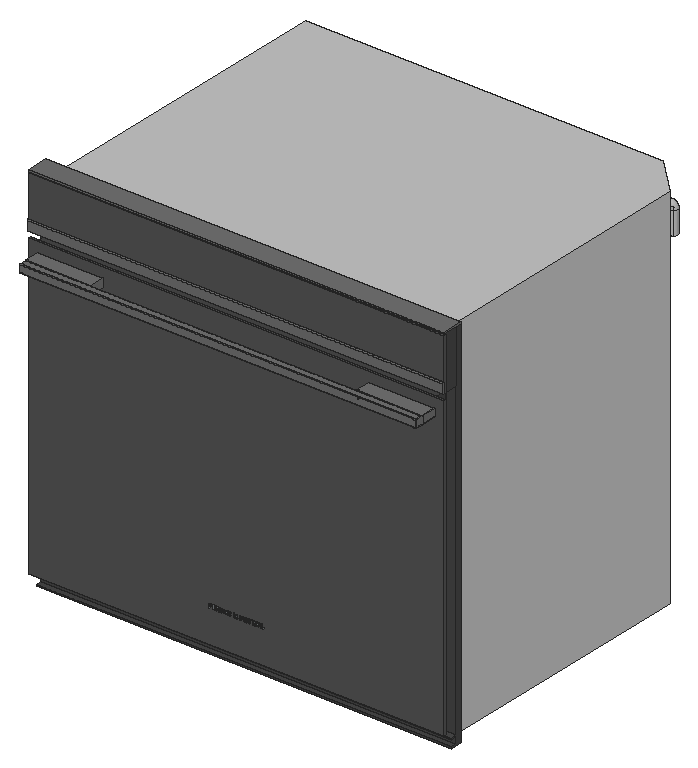
Revit family "FP_Revit_18_OB30SDPTB1_Oven_90000937A", category Specialty Equipment, Revit 2018
Family settings
  Round Connector Dimension = Use Diameter
  Part Type = Normal
  OmniClass Number = 23.40.40.14.17.11
  OmniClass Title = Cookers, Ovens, Stoves
  Work Plane-Based = No
  Always vertical = Yes
  Cut with Voids When Loaded = Yes
  Shared = No
  Room Calculation Point = No
Parameters (values of type "OB30SDPTB1")
  Visibility - Clearance Required = yes
  URL = "www.fisherpaykel.com"
  Product - Width = 760 mm  # constant formula
  Product - Height = 690 mm  # constant formula
  Product - Depth = 609 mm  # constant formula
  Model = "OB30SDPTB1"
  Material - Trim = Fisher & Paykel - Aluminium, Dark
  Material - Structure = Fisher & Paykel - Black
  Material - Handle = Fisher & Paykel - Aluminium, Dark
  Material - Glass = Fisher & Paykel - Glass, Black
  Material - Buttons and Dials = Fisher & Paykel - Aluminium, Dark
  Material - Body = Fisher & Paykel - Grey
  Manufacturer = "Fisher & Paykel Appliances"
  FFL Offset [instance] = 170 mm
  Description = "30\" Self Cleaning Oven"
  Connector Note - Electrical = "208V or 240 V, 16.6 A - 19.4 A"
  Chassis - Width = 720 mm  # constant formula
  Chassis - Height = 675 mm  # constant formula
  Chassis - Depth = 569 mm  # constant formula
  Cavity - Width = 764 mm  # constant formula
  Cavity - Height = 693 mm  # constant formula
  Cavity - Depth = 575 mm  # constant formula
Reference planes
  plane 1 "Datum": y = 0
  plane 2: z = 0
  plane 3 "Center (Left/Right)": x = 0
  plane 4: z = 863
  plane 5: z = 860
  plane 6 "Product LHS": x = -380
  plane 7 "Product RHS": x = 380
  plane 8 "Product - Depth": y = 569
  plane 9 "Cavity LHS": x = -382
  plane 10 "Cavity RHS": x = 382
  plane 11 "Cavity - Depth": y = 575
  plane 12 "Front Face": y = -40
  plane 13 "FFL Offset": z = 170
Forms (mm)
  Extrusion 1, solid, material "Fisher & Paykel - Grey" <- "Material - Body"
    sketch origin (0, 0, 0) x (1, 0, 0) y (0, 1, 0)
      loop
        line (-359.809, 0) -> (360.191, 0) -> (360.191, 503) -> (294.191, 569) -> (-359.809, 569) -> (-359.809, 0)
    from 170 to 845
  Extrusion 2, solid, material "Fisher & Paykel - Clearance Required", visible <- "Visibility - Clearance Required", detail levels coarse
    sketch origin (0, 0, 0) x (1, 0, 0) y (0, 1, 0)
      loop
        line (-361.809, 0) -> (362.191, 0) -> (362.191, 575) -> (-361.809, 575) -> (-361.809, 0)
    from 170 to 851
  Extrusion 3, solid, material "Fisher & Paykel - Black" <- "Material - Structure"
    sketch origin (0, 0, 0) x (0, 1, 0) y (0, 0, 1)
      loop
        line (-11, 857.1) -> (-11, 187.834) -> (-21.5, 185.02) -> (-21.254, 184.102) -> (-11, 186.85) -> (-11, 171.95) -> (-22, 171.95) -> (-22, 170) -> (0, 170) -> (0, 857.1) -> (-11, 857.1)
    from -380 to 380
  Extrusion 4, solid, material "Fisher & Paykel - Black" <- "Material - Structure"
    sketch origin (0, 0, 0) x (0, 1, 0) y (0, 0, 1)
      loop
        line (-36, 857.1) -> (-36, 760) -> (-11, 760) -> (-11, 857.1) -> (-36, 857.1)
    from -380 to 380
  Extrusion 5, solid, material "Fisher & Paykel - Black" <- "Material - Structure"
    sketch origin (0, 0, 0) x (0, 1, 0) y (0, 0, 1)
      loop
        line (-16.2, 197.63) -> (-16.2, 747.665) -> (-36, 747.665) -> (-36, 197.63) -> (-16.2, 197.63)
    from -365 to 363.494
  Extrusion 6, solid, material "Fisher & Paykel - Black" <- "Material - Structure"
    sketch origin (0, 0, 0) x (0, 1, 0) y (0, 0, 1)
      loop
        line (-16.2, 747.665) -> (-16.2, 197.63) -> (-11, 197.63) -> (-11, 747.665) -> (-16.2, 747.665)
    from -361 to 361
  Extrusion 7, solid, material "Fisher & Paykel - Glass, Black" <- "Material - Glass"
    sketch origin (0, 0, 0) x (0, 1, 0) y (0, 0, 1)
      loop
        line (-40, 747.665) -> (-40, 197.63) -> (-36, 197.63) -> (-36, 747.665) -> (-40, 747.665)
    from -380 to 380
  Extrusion 8, solid, material "Fisher & Paykel - Glass, Black"
    sketch origin (0, 0, 0) x (0, 1, 0) y (0, 0, 1)
      loop
        line (-40, 855.1) -> (-40, 760) -> (-36, 760) -> (-36, 855.1) -> (-40, 855.1)
    from -380 to 380
  Extrusion 9, solid, material "Fisher & Paykel - Aluminium, Dark" <- "Material - Trim", detail levels fine
    sketch origin (0, 0, 0) x (0, 1, 0) y (0, 0, 1)
      loop
        line (-41.95, 777.531) -> (-41.95, 760) -> (-40, 760) -> (-40, 779.643) -> (-40.8, 779.643) -> (-41.95, 777.531)
    from -380 to 380
  Extrusion 10, solid, material "Fisher & Paykel - Clearance Required", visible <- "Visibility - Clearance Required", detail levels coarse
    sketch origin (0, -2000, 0) x (0, 1, 0) y (0, 0, 1)
      loop
        line (2000, 863) -> (1961, 863) -> (1961, 749.316)
        arc (1961, 749.316) -> (1570.899, 587.731) -> (1409.314, 197.63) r 551.686
        line (1409.314, 197.63) -> (1960, 197.63) -> (1960, 170) -> (2000, 170) -> (2000, 863)
    from -382 to 382
  Extrusion 11, solid, material "Fisher & Paykel - Aluminium, Dark" <- "Material - Trim"
    sketch origin (0, 0, 0) x (0, 1, 0) y (0, 0, 1)
      loop
        line (-40, 860) -> (-40, 857.1) -> (0, 857.1) -> (0, 860) -> (-40, 860)
    from -380 to 380
  Extrusion 12, void
    sketch origin (0, 0, 0) x (1, 0, 0) y (0, 1, 0)
      loop
        line (-361.809, 575) -> (-361.809, 0) -> (362.191, 0) -> (362.191, 575) -> (-361.809, 575)
    from 170 to 851
  Extrusion 13, void
    sketch origin (0, 0, 0) x (1, 0, 0) y (0, 1, 0)
      loop
        line (-382, 0) -> (-382, -40) -> (382, -40) -> (382, 0) -> (-382, 0)
    from 170 to 863
Lines and regions (mm)
  model lines, style "Fisher & Paykel"
    curve 1: line (-54, -40, 850.5) -> (54, -40, 850.5)
    curve 2: line (-54, -40, 785.7) -> (-54, -40, 850.5)
    curve 3: line (54, -40, 785.7) -> (-54, -40, 785.7)
    curve 4: line (54, -40, 850.5) -> (54, -40, 785.7)
Text (mm)
  text "Due to ongoing product development, product details are subject to change without notice. \nPlease always refer to www.fisherpaykel.com for the most current product information. \n© Fisher & Paykel 2020" at (41.04, -678.295, 0), in view "Ref. Level (Plan)"
Dimensions and locks
  equal spacing: plane 6 "Product LHS", plane 3 "Center (Left/Right)", plane 7 "Product RHS"
  "Product - Width": plane 6 "Product LHS" to plane 7 "Product RHS"
  "Chassis - Depth": plane 1 "Datum" to plane 8 "Product - Depth"
  equal spacing: plane 9 "Cavity LHS", plane 3 "Center (Left/Right)", plane 10 "Cavity RHS"
  "Cavity - Depth": plane 11 "Cavity - Depth" to plane 1 "Datum"
  Extrusion 2 to Extrusion 2 = 724 mm
  "Cavity - Width": plane 9 "Cavity LHS" to plane 10 "Cavity RHS"
  "Chassis - Width": Extrusion 1 to Extrusion 1
  plane 12 "Front Face" to plane 1 "Datum" = 40 mm
  "FFL Offset": plane 13 "FFL Offset" to level
  "Product - Height": plane 5 to plane 13 "FFL Offset"
  "Cavity - Height": plane 4 to plane 13 "FFL Offset"
  locked: plane 5 to nested 1 at 109.352
  "Chassis - Height": Extrusion 1 to plane 13 "FFL Offset"
  locked: Extrusion 7 to plane 13 "FFL Offset" at 27.63
  locked: Extrusion 2 to plane 13 "FFL Offset" at 681
  locked: plane 5 to nested 3 at 129.406
  locked: nested 2 to plane 13 "FFL Offset" at 88.491
  aligned and locked: level to plane 2
  aligned and locked: plane 6 "Product LHS" to Extrusion 3
  aligned and locked: Extrusion 3 to plane 7 "Product RHS"
  aligned and locked: plane 9 "Cavity LHS" to Extrusion 10
  aligned and locked: Extrusion 10 to plane 10 "Cavity RHS"
  aligned and locked: Extrusion 1 to plane 13 "FFL Offset"
  aligned and locked: plane 13 "FFL Offset" to Extrusion 3 sketch curve
  aligned and locked: Extrusion 10 sketch curve to plane 13 "FFL Offset"
  aligned and locked: Extrusion 7 to Extrusion 6
  aligned and locked: Extrusion 5 to Extrusion 6
  aligned and locked: Extrusion 2 to Extrusion 1
  aligned and locked: Extrusion 12 to Extrusion 1
  aligned and locked: Extrusion 13 to Extrusion 1
  aligned and locked: plane 4 to Extrusion 13
  aligned and locked: Extrusion 12 to Extrusion 2
Automatic sketch dimensions
  plane 1 "Datum" to Extrusion 1 sketch curve = 0 mm
  Extrusion 1 sketch curve to plane 8 "Product - Depth" = 0 mm
  Extrusion 1 sketch curve to plane 6 "Product LHS" = 20.191 mm
  plane 7 "Product RHS" to Extrusion 1 sketch curve = 85.809 mm
  plane 7 "Product RHS" to Extrusion 1 sketch curve = 19.809 mm
  Extrusion 1 sketch curve to plane 8 "Product - Depth" = 66 mm
  plane 1 "Datum" to Extrusion 2 sketch curve = 0 mm
  plane 11 "Cavity - Depth" to Extrusion 2 sketch curve = 0 mm
  Extrusion 2 sketch curve to plane 6 "Product LHS" = 18.191 mm
  plane 7 "Product RHS" to Extrusion 2 sketch curve = 17.809 mm
  plane 1 "Datum" to Extrusion 4 sketch curve = 36 mm
  plane 1 "Datum" to Extrusion 4 sketch curve = 11 mm
  Extrusion 4 sketch curve to plane 5 = 100 mm
  Extrusion 4 sketch curve to plane 5 = 2.9 mm
  plane 1 "Datum" to Extrusion 5 sketch curve = 36 mm
  plane 1 "Datum" to Extrusion 5 sketch curve = 16.2 mm
  level to Extrusion 5 sketch curve = 197.63 mm
  Extrusion 5 sketch curve to plane 5 = 112.335 mm
  plane 1 "Datum" to Extrusion 6 sketch curve = 16.2 mm
  Extrusion 6 sketch curve to Extrusion 6 sketch curve = 5.2 mm
  level to Extrusion 6 sketch curve = 197.63 mm
  Extrusion 6 sketch curve to plane 5 = 112.335 mm
  plane 1 "Datum" to Extrusion 7 sketch curve = 40 mm
  Extrusion 7 sketch curve to Extrusion 7 sketch curve = 4 mm
  level to Extrusion 7 sketch curve = 197.63 mm
  Extrusion 7 sketch curve to plane 5 = 112.335 mm
  plane 1 "Datum" to Extrusion 8 sketch curve = 40 mm
  Extrusion 8 sketch curve to Extrusion 8 sketch curve = 4 mm
  Extrusion 8 sketch curve to plane 5 = 100 mm
  Extrusion 8 sketch curve to plane 5 = 4.9 mm
  plane 5 to Extrusion 11 sketch curve = 0 mm
  Extrusion 11 sketch curve to plane 5 = 2.9 mm
  Extrusion 11 sketch curve to Extrusion 11 sketch curve = 40 mm
  plane 1 "Datum" to Extrusion 11 sketch curve = 40 mm
  plane 1 "Datum" to Extrusion 12 sketch curve = 0 mm
  Extrusion 12 sketch curve to plane 6 "Product LHS" = 18.191 mm
  plane 7 "Product RHS" to Extrusion 12 sketch curve = 17.809 mm
  plane 11 "Cavity - Depth" to Extrusion 12 sketch curve = 0 mm
  Extrusion 13 sketch curve to plane 9 "Cavity LHS" = 0 mm
  Extrusion 13 sketch curve to plane 10 "Cavity RHS" = 0 mm
  plane 1 "Datum" to Extrusion 13 sketch curve = 0 mm
  plane 1 "Datum" to Extrusion 13 sketch curve = 40 mm
  Extrusion 9 sketch curve to Extrusion 9 sketch curve = 0.8 mm
  Extrusion 9 sketch curve to plane 12 "Front Face" = 1.95 mm
  Extrusion 9 sketch curve to plane 5 = 100 mm
  Extrusion 9 sketch curve to Extrusion 9 sketch curve = 17.531 mm
  Extrusion 9 sketch curve to Extrusion 9 sketch curve = 2.112 mm
  Extrusion 9 sketch curve to plane 12 "Front Face" = 0 mm
  plane 3 "Center (Left/Right)" to curve 1 = 54 mm
  curve 2 to plane 4 = 77.3 mm
  curve 3 to curve 2 = 108 mm
  curve 2 to curve 1 = 64.8 mm
  Extrusion 3 sketch curve to plane 1 "Datum" = 0 mm
  plane 1 "Datum" to Extrusion 3 sketch curve = 11 mm
  Extrusion 3 sketch curve to Extrusion 3 sketch curve = 0 mm
  Extrusion 3 sketch curve to Extrusion 3 sketch curve = 10.254 mm
  plane 13 "FFL Offset" to Extrusion 3 sketch curve = 15.02 mm
  Extrusion 3 sketch curve to Extrusion 3 sketch curve = 0.246 mm
  plane 13 "FFL Offset" to Extrusion 3 sketch curve = 1.95 mm
  Extrusion 3 sketch curve to Extrusion 3 sketch curve = 11 mm
  Extrusion 3 sketch curve to Extrusion 3 sketch curve = 0.918 mm
  Extrusion 3 sketch curve to plane 5 = 2.9 mm
  Extrusion 10 sketch curve to plane 1 "Datum" = 0 mm
  plane 12 "Front Face" to Extrusion 10 sketch curve = 1 mm
  Extrusion 10 sketch curve to Extrusion 10 sketch curve = 1 mm
  plane 13 "FFL Offset" to Extrusion 10 sketch curve = 27.63 mm
  Extrusion 10 sketch curve to plane 12 "Front Face" = 550.686 mm
  Extrusion 10 sketch curve to plane 4 = 0 mm
Nested families
  nested 1: "F&P Inlet Power OB30" at (327.191, 536, 800.625) x (0.7071, -0.7071, 0) z (0, 0, 1), type "F&P Inlet Power OB30"
  nested 2: "F&P Logo 100mm" at (0, -40, 258.6), type "Grey", detail levels fine
  nested 3: "F&P Handle Contemporary Square OB30" at (0, -40, 722.616), type "Aluminium, Dark"
Connectors
  electrical at (334.648, 543.457, 750.648), driven by "Connector Note - Electrical"
    settings: on nested 1, index 1, voltage 120 V, apparent load 0 VA, apparent load phase1 0 VA, apparent load phase2 0 VA, apparent load phase3 0 VA, power factor 1, load classification "Other", number of poles 2, system type 30, power factor state 1, is connector primary yes, connector utility no, sub classification motor no, connector description "208V or 240 V, 16.6 A - 19.4 A"
Definition of nested family "F&P Inlet Power OB30"
  Parameters (values of type "F&P Inlet Power OB30")
    URL = "www.fisherpaykel.com"
    Material - Body = none
    Manufacturer = "Fisher & Paykel Appliances"
  Reference planes
    plane 1 "Center (Front/Back)": y = 0
    plane 2: z = 0
    plane 3 "Center (Left/Right)": x = 0
  Forms (mm)
    Extrusion 1, solid, material <- "Material - Body"
      sketch origin (0, 0, 0) x (1, 0, 0) y (0, 0, 1)
        loop
          circle (0, 0) r 14.523
        loop
          circle (0, 0) r 7.273
      from -3.02 to 0
    Sweep 2, solid, material <- "Material - Body"
      path origin (0, 0, 0) x (0, 1, 0) y (0, 0, 1)
        loop
          line (0, 0) -> (2.546, 0)
          arc (2.546, 0) -> (8.203, -2.343) -> (10.546, -8) r 8
          line (10.546, -8) -> (10.546, -49.977)
      profile origin (0, 1.273, 0) x (0, 0, 1) y (1, 0, 0)
        loop
          circle (0, 0) r 7.273
  Dimensions and locks
    aligned and locked: level to plane 2
Definition of nested family "F&P Logo 100mm"
  Parameters (values of type "Chrome")
    URL = "www.fisherpaykel.com"
    Material - Logo = none
    Manufacturer = "Fisher & Paykel Appliances"
  Types (3): name
    (no name)
    Chrome
    Grey
  Reference planes
    plane 1 "Center (Front/Back)": y = 0
    plane 2: z = 0
    plane 3 "Center (Left/Right)": x = 0
  Forms (mm)
    Extrusion 1, solid, material <- "Material - Logo", detail levels fine
      sketch origin (0, 0, 0) x (1, 0, 0) y (0, 0, 1)
        loop
          line (-50.044, 0) -> (-48.47, 0) -> (-48.47, 2.138) -> (-46.011, 2.138) -> (-46.011, 3.472) -> (-48.47, 3.472) -> (-48.47, 4.712) -> (-45.795, 4.712) -> (-45.795, 6.04) -> (-50.044, 6.04) -> (-50.044, 0)
        loop
          line (-42.804, 6.04) -> (-42.804, 0) -> (-41.23, 0) -> (-41.23, 6.04) -> (-42.804, 6.04)
        loop
          line (-30.724, 6.04) -> (-30.724, 0) -> (-29.151, 0) -> (-29.151, 2.42) -> (-26.839, 2.42) -> (-26.839, 0) -> (-25.265, 0) -> (-25.265, 6.04) -> (-26.839, 6.04) -> (-26.839, 3.748) -> (-29.151, 3.748) -> (-29.151, 6.04) -> (-30.724, 6.04)
        loop
          line (-21.906, 6.04) -> (-21.906, 0) -> (-17.602, 0) -> (-17.602, 1.328) -> (-20.347, 1.328) -> (-20.347, 2.42) -> (-17.838, 2.42) -> (-17.838, 3.748) -> (-20.347, 3.748) -> (-20.347, 4.712) -> (-17.602, 4.712) -> (-17.602, 6.04) -> (-21.906, 6.04)
        loop
          line (45.667, 6.04) -> (45.667, 0) -> (49.956, 0) -> (49.956, 1.328) -> (47.241, 1.328) -> (47.241, 6.04) -> (45.667, 6.04)
        loop
          line (42.431, 6.04) -> (38.112, 6.04) -> (38.112, 0) -> (42.431, 0) -> (42.431, 1.328) -> (39.687, 1.328) -> (39.687, 2.42) -> (42.195, 2.42) -> (42.195, 3.748) -> (39.687, 3.748) -> (39.687, 4.712) -> (42.431, 4.712) -> (42.431, 6.04)
        loop
          line (33.451, 3.148) -> (35.683, 6.04) -> (33.844, 6.04) -> (31.915, 3.542) -> (31.915, 6.04) -> (30.342, 6.04) -> (30.342, 0) -> (31.915, 0) -> (31.915, 2.705) -> (33.903, 0) -> (35.763, 0) -> (33.451, 3.148)
        loop
          line (21.98, 6.04) -> (24.262, 2.42) -> (24.262, 0) -> (25.837, 0) -> (25.837, 2.341) -> (28.119, 6.04) -> (26.446, 6.04) -> (25.099, 3.707) -> (23.753, 6.04) -> (21.98, 6.04)
        loop
          line (18.479, 6.04) -> (16.983, 6.04) -> (14.524, 0) -> (16.069, 0) -> (16.501, 1.112) -> (18.921, 1.112) -> (19.354, 0) -> (20.938, 0) -> (18.479, 6.04)
        loop
          line (18.4, 2.439) -> (17.693, 4.174) -> (17.018, 2.439) -> (18.4, 2.439)
        loop
          line (8.031, 6.04) -> (8.031, 0) -> (9.605, 0) -> (9.605, 1.938) -> (10.599, 1.938)
          arc (10.599, 1.938) -> (12.65, 3.989) -> (10.599, 6.04) r 2.051
          line (10.599, 6.04) -> (8.031, 6.04)
        loop
          line (9.605, 4.712) -> (9.605, 3.197) -> (10.501, 3.197)
          arc (10.501, 3.197) -> (11.259, 3.954) -> (10.501, 4.712) r 0.757
          line (10.501, 4.712) -> (9.605, 4.712)
        loop
          line (-11.783, 6.04) -> (-14.366, 6.04) -> (-14.366, 0) -> (-12.792, 0) -> (-12.792, 1.336) -> (-11.992, 1.336) -> (-10.972, 0) -> (-9.153, 0) -> (-10.694, 1.973)
          arc (-10.694, 1.973) -> (-9.678, 4.424) -> (-11.783, 6.04) r 2.179
        loop
          line (-11.897, 4.712) -> (-12.792, 4.712) -> (-12.792, 3.053) -> (-11.897, 3.053)
          arc (-11.897, 3.053) -> (-11.068, 3.882) -> (-11.897, 4.712) r 0.83
        loop
          line (0.477, 4.712) -> (0.477, 6.153) -> (-3.575, 6.153) -> (-3.575, 4.851) -> (-2.974, 4.112)
          arc (-2.974, 4.112) -> (-3.51, 0.684) -> (-0.045, 0.512) r 2.334
          line (-0.045, 0.512) -> (0.46, -0.109) -> (2.246, -0.109) -> (0.86, 1.594) -> (2.061, 3.324) -> (0.443, 3.324) -> (-0.013, 2.667) -> (-1.677, 4.712) -> (0.477, 4.712)
        loop
          arc (-2.125, 3.068) -> (-2.269, 1.668) -> (-0.868, 1.524) r 0.996
          line (-0.868, 1.524) -> (-2.125, 3.068)
        loop
          line (-35.18, 3.634) -> (-36.516, 3.91)
          arc (-36.516, 3.91) -> (-37.049, 4.443) -> (-36.516, 4.976) r 0.533
          arc (-36.516, 4.976) -> (-35.235, 4.79) -> (-34.059, 4.248) r 4.505
          line (-34.059, 4.248) -> (-34.059, 5.743)
          arc (-34.059, 5.743) -> (-35.549, 6.179) -> (-37.1, 6.109) r 4.726
          arc (-37.1, 6.109) -> (-38.536, 4.335) -> (-37.1, 2.561) r 1.814
          line (-37.1, 2.561) -> (-35.754, 2.282)
          arc (-35.754, 2.282) -> (-35.221, 1.749) -> (-35.754, 1.216) r 0.533
          arc (-35.754, 1.216) -> (-37.035, 1.402) -> (-38.211, 1.945) r 4.505
          line (-38.211, 1.945) -> (-38.211, 0.449)
          arc (-38.211, 0.449) -> (-36.72, 0.013) -> (-35.169, 0.083) r 4.726
          arc (-35.169, 0.083) -> (-33.734, 1.863) -> (-35.18, 3.634) r 1.814
      from 0 to 0.8
  Dimensions and locks
    aligned and locked: level to plane 2
Definition of nested family "F&P Handle Contemporary Square OB30"
  Parameters (values of type "Aluminium, Dark")
    URL = "www.fisherpaykel.com"
    Material - Handle = none
    Manufacturer = "Fisher & Paykel Appliances"
    Handle - Length = 727 mm
  Types (3): name
    (no name)
    Aluminium
    Aluminium, Dark
  Reference planes
    plane 1 "Center (Front/Back)": y = 0
    plane 2: z = 0
    plane 3 "Center (Left/Right)": x = 0
    plane 4 "Product LHS": x = -363.5
    plane 5 "Product RHS": x = 363.5
    plane 6 "LHS Standoff": x = -243.495
    plane 7 "RHS Standoff": x = 243.505
  Forms (mm)
    Extrusion 1, solid, material <- "Material - Handle", detail levels fine
      sketch origin (0, 0, 0) x (0, 1, 0) y (0, 0, 1)
        loop
          arc (-28.701, 7.561) -> (-29.057, 7.868) -> (-29.514, 7.978) r 1
          line (-29.514, 7.978) -> (-40.5, 7.978)
          arc (-40.5, 7.978) -> (-41.561, 7.539) -> (-42, 6.478) r 1.5
          line (-42, 6.478) -> (-42, -6.522)
          arc (-42, -6.522) -> (-41.561, -7.583) -> (-40.5, -8.022) r 1.5
          line (-40.5, -8.022) -> (-29.487, -8.022)
          arc (-29.487, -8.022) -> (-29.029, -7.911) -> (-28.673, -7.602) r 1
          arc (-28.673, -7.602) -> (-26.256, -0.016) -> (-28.701, 7.561) r 13.038
      from -363.5 to 363.5
    Extrusion 2, solid, material <- "Material - Handle", detail levels fine
      sketch origin (0, 0, 0) x (0, 1, 0) y (0, 0, 1)
        loop
          arc (-28.23, 7.062) -> (-26.156, 0.008) -> (-28.198, -7.056) r 13.136
          arc (-28.198, -7.056) -> (-28.21, -7.463) -> (-27.86, -7.67) r 0.4
          line (-27.86, -7.67) -> (0, -7.67) -> (0, 7.678) -> (-27.893, 7.678)
          arc (-27.893, 7.678) -> (-28.244, 7.47) -> (-28.23, 7.062) r 0.4
      from 243.505 to 363.5
    Extrusion 3, solid, material <- "Material - Handle", detail levels fine
      sketch origin (0, 0, 0) x (0, 1, 0) y (0, 0, -1)
        loop
          arc (-28.23, -7.062) -> (-28.244, -7.47) -> (-27.893, -7.678) r 0.4
          line (-27.893, -7.678) -> (0, -7.678) -> (0, 7.67) -> (-27.86, 7.67)
          arc (-27.86, 7.67) -> (-28.21, 7.463) -> (-28.198, 7.056) r 0.4
          arc (-28.198, 7.056) -> (-26.156, -0.008) -> (-28.23, -7.062) r 13.136
      from 243.495 to 363.5
    Sweep 4, void
      path in 3D
        loop
          line (363.5, -29.514, 7.978) -> (363.5, -40.5, 7.978)
          arc (363.5, -40.5, 7.978) -> (363.5, -41.561, 7.539) -> (363.5, -42, 6.478) r 1.5
          line (363.5, -42, 6.478) -> (363.5, -42, -6.522)
          arc (363.5, -42, -6.522) -> (363.5, -41.561, -7.583) -> (363.5, -40.5, -8.022) r 1.5
          line (363.5, -40.5, -8.022) -> (363.5, -29.487, -8.022)
      profile origin (363.5, -35.007, 7.978) x (1, 0, 0) y (0, 0, 1)
        loop
          line (0, 0) -> (-1.3, 0) -> (0, -1.3) -> (0, 0)
    Sweep 5, void
      path in 3D
        loop
          line (-363.5, -29.487, -8.022) -> (-363.5, -40.5, -8.022)
          arc (-363.5, -40.5, -8.022) -> (-363.5, -41.561, -7.583) -> (-363.5, -42, -6.522) r 1.5
          line (-363.5, -42, -6.522) -> (-363.5, -42, 6.478)
          arc (-363.5, -42, 6.478) -> (-363.5, -41.561, 7.539) -> (-363.5, -40.5, 7.978) r 1.5
          line (-363.5, -40.5, 7.978) -> (-363.5, -29.514, 7.978)
      profile origin (-363.5, -35.007, 7.978) x (-1, 0, 0) y (0, 0, 1)
        loop
          line (0, 0) -> (-1.3, 0) -> (0, -1.3) -> (0, 0)
    Extrusion 6, void
      sketch origin (0, 0, 0) x (1, 0, 0) y (0, 0, 1)
        loop
          line (363.5, 7.978) -> (362.2, 7.978) -> (363.5, 6.678) -> (363.5, 7.978)
        loop
          line (363.5, -8.022) -> (363.5, -6.722) -> (362.2, -8.022) -> (363.5, -8.022)
      from 0 to 40
    Extrusion 7, void
      sketch origin (0, 0, 0) x (1, 0, 0) y (0, 0, 1)
        loop
          line (-363.5, 7.978) -> (-363.5, 6.678) -> (-362.2, 7.978) -> (-363.5, 7.978)
        loop
          line (-363.5, -8.022) -> (-362.2, -8.022) -> (-363.5, -6.722) -> (-363.5, -8.022)
      from 0 to 40
    Extrusion 8, solid, material <- "Material - Handle", detail levels coarse+medium
      sketch origin (0, 0, 0) x (1, 0, 0) y (0, 1, 0)
        loop
          line (-363.5, -42) -> (363.5, -42) -> (363.5, 0) -> (243.505, 0) -> (243.505, -26.156) -> (-243.495, -26.156) -> (-243.495, 0) -> (-363.5, 0) -> (-363.5, -42)
      from -8.022 to 7.978
  Cuts and joins
    Sweep 4, Sweep 5, Extrusion 6, Extrusion 7 cuts Extrusion 1
    Extrusion 6 cuts Extrusion 2
    Extrusion 7 cuts Extrusion 3
  Lines and regions (mm)
    sketch lines
      curve 1: line (363.5, -29.514, 7.978) -> (363.5, -40.5, 7.978)
      curve 2: arc (363.5, -42, 6.478) -> (363.5, -41.561, 7.539) -> (363.5, -40.5, 7.978) r 1.5
      curve 3: line (363.5, -42, 6.478) -> (363.5, -42, -6.522)
      curve 4: arc (363.5, -40.5, -8.022) -> (363.5, -41.561, -7.583) -> (363.5, -42, -6.522) r 1.5
      curve 5: line (363.5, -40.5, -8.022) -> (363.5, -29.487, -8.022)
      curve 6: line (-363.5, -40.5, 7.978) -> (-363.5, -29.514, 7.978)
      curve 7: arc (-363.5, -40.5, 7.978) -> (-363.5, -41.561, 7.539) -> (-363.5, -42, 6.478) r 1.5
      curve 8: line (-363.5, -42, -6.522) -> (-363.5, -42, 6.478)
      curve 9: arc (-363.5, -42, -6.522) -> (-363.5, -41.561, -7.583) -> (-363.5, -40.5, -8.022) r 1.5
      curve 10: line (-363.5, -29.487, -8.022) -> (-363.5, -40.5, -8.022)
  Dimensions and locks
    equal spacing: plane 4 "Product LHS", plane 3 "Center (Left/Right)", plane 5 "Product RHS"
    "Handle - Length": plane 4 "Product LHS" to plane 5 "Product RHS"
    locked: plane 4 "Product LHS" to plane 6 "LHS Standoff" at 120.005
    locked: plane 7 "RHS Standoff" to plane 5 "Product RHS" at 119.995
    aligned and locked: level to plane 2
    aligned and locked: Extrusion 1 to plane 5 "Product RHS"
    aligned and locked: plane 4 "Product LHS" to Extrusion 1
    aligned and locked: Extrusion 2 to plane 5 "Product RHS"
    aligned and locked: plane 4 "Product LHS" to Extrusion 3
    aligned and locked: plane 4 "Product LHS" to Extrusion 8 sketch curve
    aligned and locked: Extrusion 8 sketch curve to plane 5 "Product RHS"
    aligned and locked: Extrusion 8 sketch curve to plane 7 "RHS Standoff"
    aligned and locked: plane 6 "LHS Standoff" to Extrusion 8 sketch curve
    aligned and locked: Extrusion 2 to plane 7 "RHS Standoff"
    aligned and locked: plane 6 "LHS Standoff" to Extrusion 3
  Automatic sketch dimensions
    Extrusion 1 sketch curve to level = 6.522 mm
    plane 1 "Center (Front/Back)" to Extrusion 1 sketch curve = 42 mm
    Extrusion 1 sketch curve to Extrusion 1 sketch curve = 1.5 mm  (x2)
    Extrusion 1 sketch curve to level = 0.04 mm
    Extrusion 1 sketch curve to Extrusion 1 sketch curve = 1.206 mm
    level to Extrusion 1 sketch curve = 6.978 mm
    Extrusion 1 sketch curve to Extrusion 1 sketch curve = 10.986 mm
    Extrusion 1 sketch curve to Extrusion 1 sketch curve = 11.013 mm
    Extrusion 1 sketch curve to Extrusion 1 sketch curve = 1 mm
    level to Extrusion 1 sketch curve = 6.478 mm
    Extrusion 1 sketch curve to Extrusion 1 sketch curve = 0 mm
    Extrusion 2 sketch curve to plane 1 "Center (Front/Back)" = 0 mm
    Extrusion 2 sketch curve to level = 7.67 mm
    Extrusion 2 sketch curve to Extrusion 2 sketch curve = 27.86 mm
    level to Extrusion 2 sketch curve = 7.678 mm
    Extrusion 2 sketch curve to Extrusion 2 sketch curve = 0.033 mm
    Extrusion 2 sketch curve to level = 0.022 mm
    Extrusion 2 sketch curve to Extrusion 2 sketch curve = 11.398 mm
    Extrusion 2 sketch curve to Extrusion 2 sketch curve = 0.4 mm  (x2)
    Extrusion 2 sketch curve to Extrusion 2 sketch curve = 0 mm
    Extrusion 3 sketch curve to plane 1 "Center (Front/Back)" = 0 mm
    Extrusion 3 sketch curve to level = 7.67 mm
    Extrusion 3 sketch curve to Extrusion 3 sketch curve = 27.86 mm
    level to Extrusion 3 sketch curve = 7.678 mm
    Extrusion 3 sketch curve to Extrusion 3 sketch curve = 0.033 mm
    Extrusion 3 sketch curve to level = 0.022 mm
    Extrusion 3 sketch curve to Extrusion 3 sketch curve = 11.398 mm
    Extrusion 3 sketch curve to Extrusion 3 sketch curve = 0.4 mm  (x2)
    Extrusion 3 sketch curve to Extrusion 3 sketch curve = 0 mm
    profile plane to Sweep 4 sketch curve = 0 mm
    Sweep 4 sketch curve to profile plane = 0 mm
    Sweep 4 sketch curve to profile plane = 1.3 mm
    profile plane to Sweep 4 sketch curve = 1.3 mm
    Sweep 5 sketch curve to profile plane = 0 mm  (x2)
    profile plane to Sweep 5 sketch curve = 1.3 mm
    Sweep 5 sketch curve to profile plane = 1.3 mm
    plane 5 "Product RHS" to Extrusion 6 sketch curve = 0 mm  (x2)
    Extrusion 6 sketch curve to Extrusion 6 sketch curve = 1.3 mm  (x4)
    Extrusion 6 sketch curve to level = 6.722 mm
    level to Extrusion 6 sketch curve = 6.678 mm
    plane 4 "Product LHS" to Extrusion 7 sketch curve = 0 mm  (x2)
    Extrusion 7 sketch curve to plane 4 "Product LHS" = 1.3 mm  (x2)
    Extrusion 7 sketch curve to level = 8.022 mm
    level to Extrusion 7 sketch curve = 6.678 mm
    Extrusion 7 sketch curve to Extrusion 7 sketch curve = 1.3 mm  (x2)
    plane 1 "Center (Front/Back)" to Extrusion 8 sketch curve = 0 mm  (x2)
    Extrusion 8 sketch curve to Extrusion 8 sketch curve = 26.156 mm
    Extrusion 8 sketch curve to Extrusion 8 sketch curve = 42 mm
